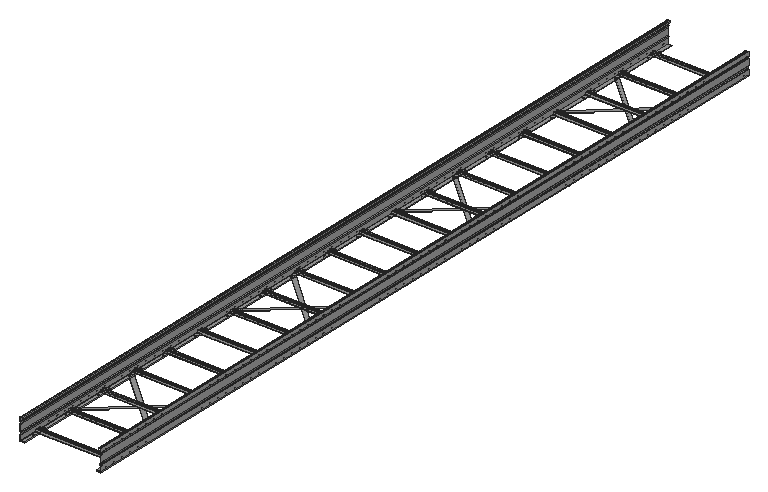
Revit family "WKLG 1660 03.09", category Generic Models, Revit 2017 (continued)
Forms (mm)
  Extrusion 77, void
    sketch origin (0, 5625, -120) x (0, 1, 0) y (0, 0, 1)
      loop
        line (49.5, 144.46) -> (25.5, 144.46)
        arc (25.5, 144.46) -> (25.146, 144.314) -> (25, 143.96) r 0.5
        line (25, 143.96) -> (25, 135.96)
        arc (25, 135.96) -> (25.146, 135.607) -> (25.5, 135.46) r 0.5
        line (25.5, 135.46) -> (49.5, 135.46)
        arc (49.5, 135.46) -> (49.854, 135.607) -> (50, 135.96) r 0.5
        line (50, 135.96) -> (50, 143.96)
        arc (50, 143.96) -> (49.854, 144.314) -> (49.5, 144.46) r 0.5
    from -300 to -298
  Extrusion 78, void
    sketch origin (0, 5700, -120) x (0, 1, 0) y (0, 0, 1)
      loop
        line (49.5, 144.46) -> (25.5, 144.46)
        arc (25.5, 144.46) -> (25.146, 144.314) -> (25, 143.96) r 0.5
        line (25, 143.96) -> (25, 135.96)
        arc (25, 135.96) -> (25.146, 135.607) -> (25.5, 135.46) r 0.5
        line (25.5, 135.46) -> (49.5, 135.46)
        arc (49.5, 135.46) -> (49.854, 135.607) -> (50, 135.96) r 0.5
        line (50, 135.96) -> (50, 143.96)
        arc (50, 143.96) -> (49.854, 144.314) -> (49.5, 144.46) r 0.5
    from -300 to -298
  Extrusion 79, void
    sketch origin (0, 5775, -120) x (0, 1, 0) y (0, 0, 1)
      loop
        line (49.5, 144.46) -> (25.5, 144.46)
        arc (25.5, 144.46) -> (25.146, 144.314) -> (25, 143.96) r 0.5
        line (25, 143.96) -> (25, 135.96)
        arc (25, 135.96) -> (25.146, 135.607) -> (25.5, 135.46) r 0.5
        line (25.5, 135.46) -> (49.5, 135.46)
        arc (49.5, 135.46) -> (49.854, 135.607) -> (50, 135.96) r 0.5
        line (50, 135.96) -> (50, 143.96)
        arc (50, 143.96) -> (49.854, 144.314) -> (49.5, 144.46) r 0.5
    from -300 to -298
  Extrusion 80, void
    sketch origin (0, 5850, -120) x (0, 1, 0) y (0, 0, 1)
      loop
        line (49.5, 144.46) -> (25.5, 144.46)
        arc (25.5, 144.46) -> (25.146, 144.314) -> (25, 143.96) r 0.5
        line (25, 143.96) -> (25, 135.96)
        arc (25, 135.96) -> (25.146, 135.607) -> (25.5, 135.46) r 0.5
        line (25.5, 135.46) -> (49.5, 135.46)
        arc (49.5, 135.46) -> (49.854, 135.607) -> (50, 135.96) r 0.5
        line (50, 135.96) -> (50, 143.96)
        arc (50, 143.96) -> (49.854, 144.314) -> (49.5, 144.46) r 0.5
    from -300 to -298
  Extrusion 81, void
    sketch origin (0, 5925, -120) x (0, 1, 0) y (0, 0, 1)
      loop
        line (49.5, 144.46) -> (25.5, 144.46)
        arc (25.5, 144.46) -> (25.146, 144.314) -> (25, 143.96) r 0.5
        line (25, 143.96) -> (25, 135.96)
        arc (25, 135.96) -> (25.146, 135.607) -> (25.5, 135.46) r 0.5
        line (25.5, 135.46) -> (49.5, 135.46)
        arc (49.5, 135.46) -> (49.854, 135.607) -> (50, 135.96) r 0.5
        line (50, 135.96) -> (50, 143.96)
        arc (50, 143.96) -> (49.854, 144.314) -> (49.5, 144.46) r 0.5
    from -300 to -298
  Extrusion 82, void
    sketch origin (0, 0, 0) x (0, 1, 0) y (0, 0, 1)
      loop
        arc (25.52, 144.46) -> (25.152, 144.308) -> (25, 143.94) r 0.52
        line (25, 143.94) -> (25, 135.965)
        arc (25, 135.965) -> (25.148, 135.608) -> (25.505, 135.46) r 0.505
        line (25.505, 135.46) -> (49.5, 135.46)
        arc (49.5, 135.46) -> (49.854, 135.607) -> (50, 135.96) r 0.5
        line (50, 135.96) -> (50, 143.96)
        arc (50, 143.96) -> (49.854, 144.314) -> (49.5, 144.46) r 0.5
        line (49.5, 144.46) -> (25.52, 144.46)
    from 298 to 300
  Extrusion 83, void
    sketch origin (0, 75, 0) x (0, 1, 0) y (0, 0, 1)
      loop
        arc (25.52, 144.46) -> (25.152, 144.308) -> (25, 143.94) r 0.52
        line (25, 143.94) -> (25, 135.965)
        arc (25, 135.965) -> (25.148, 135.608) -> (25.505, 135.46) r 0.505
        line (25.505, 135.46) -> (49.5, 135.46)
        arc (49.5, 135.46) -> (49.854, 135.607) -> (50, 135.96) r 0.5
        line (50, 135.96) -> (50, 143.96)
        arc (50, 143.96) -> (49.854, 144.314) -> (49.5, 144.46) r 0.5
        line (49.5, 144.46) -> (25.52, 144.46)
    from 298 to 300
  Extrusion 84, void
    sketch origin (0, 150, 0) x (0, 1, 0) y (0, 0, 1)
      loop
        arc (25.52, 144.46) -> (25.152, 144.308) -> (25, 143.94) r 0.52
        line (25, 143.94) -> (25, 135.965)
        arc (25, 135.965) -> (25.148, 135.608) -> (25.505, 135.46) r 0.505
        line (25.505, 135.46) -> (49.5, 135.46)
        arc (49.5, 135.46) -> (49.854, 135.607) -> (50, 135.96) r 0.5
        line (50, 135.96) -> (50, 143.96)
        arc (50, 143.96) -> (49.854, 144.314) -> (49.5, 144.46) r 0.5
        line (49.5, 144.46) -> (25.52, 144.46)
    from 298 to 300
  Extrusion 85, void
    sketch origin (0, 225, 0) x (0, 1, 0) y (0, 0, 1)
      loop
        arc (25.52, 144.46) -> (25.152, 144.308) -> (25, 143.94) r 0.52
        line (25, 143.94) -> (25, 135.965)
        arc (25, 135.965) -> (25.148, 135.608) -> (25.505, 135.46) r 0.505
        line (25.505, 135.46) -> (49.5, 135.46)
        arc (49.5, 135.46) -> (49.854, 135.607) -> (50, 135.96) r 0.5
        line (50, 135.96) -> (50, 143.96)
        arc (50, 143.96) -> (49.854, 144.314) -> (49.5, 144.46) r 0.5
        line (49.5, 144.46) -> (25.52, 144.46)
    from 298 to 300
  Extrusion 86, void
    sketch origin (0, 300, 0) x (0, 1, 0) y (0, 0, 1)
      loop
        arc (25.52, 144.46) -> (25.152, 144.308) -> (25, 143.94) r 0.52
        line (25, 143.94) -> (25, 135.965)
        arc (25, 135.965) -> (25.148, 135.608) -> (25.505, 135.46) r 0.505
        line (25.505, 135.46) -> (49.5, 135.46)
        arc (49.5, 135.46) -> (49.854, 135.607) -> (50, 135.96) r 0.5
        line (50, 135.96) -> (50, 143.96)
        arc (50, 143.96) -> (49.854, 144.314) -> (49.5, 144.46) r 0.5
        line (49.5, 144.46) -> (25.52, 144.46)
    from 298 to 300
  Extrusion 87, void
    sketch origin (0, 375, 0) x (0, 1, 0) y (0, 0, 1)
      loop
        arc (25.52, 144.46) -> (25.152, 144.308) -> (25, 143.94) r 0.52
        line (25, 143.94) -> (25, 135.965)
        arc (25, 135.965) -> (25.148, 135.608) -> (25.505, 135.46) r 0.505
        line (25.505, 135.46) -> (49.5, 135.46)
        arc (49.5, 135.46) -> (49.854, 135.607) -> (50, 135.96) r 0.5
        line (50, 135.96) -> (50, 143.96)
        arc (50, 143.96) -> (49.854, 144.314) -> (49.5, 144.46) r 0.5
        line (49.5, 144.46) -> (25.52, 144.46)
    from 298 to 300
  Extrusion 88, void
    sketch origin (0, 450, 0) x (0, 1, 0) y (0, 0, 1)
      loop
        arc (25.52, 144.46) -> (25.152, 144.308) -> (25, 143.94) r 0.52
        line (25, 143.94) -> (25, 135.965)
        arc (25, 135.965) -> (25.148, 135.608) -> (25.505, 135.46) r 0.505
        line (25.505, 135.46) -> (49.5, 135.46)
        arc (49.5, 135.46) -> (49.854, 135.607) -> (50, 135.96) r 0.5
        line (50, 135.96) -> (50, 143.96)
        arc (50, 143.96) -> (49.854, 144.314) -> (49.5, 144.46) r 0.5
        line (49.5, 144.46) -> (25.52, 144.46)
    from 298 to 300
  Extrusion 89, void
    sketch origin (0, 525, 0) x (0, 1, 0) y (0, 0, 1)
      loop
        arc (25.52, 144.46) -> (25.152, 144.308) -> (25, 143.94) r 0.52
        line (25, 143.94) -> (25, 135.965)
        arc (25, 135.965) -> (25.148, 135.608) -> (25.505, 135.46) r 0.505
        line (25.505, 135.46) -> (49.5, 135.46)
        arc (49.5, 135.46) -> (49.854, 135.607) -> (50, 135.96) r 0.5
        line (50, 135.96) -> (50, 143.96)
        arc (50, 143.96) -> (49.854, 144.314) -> (49.5, 144.46) r 0.5
        line (49.5, 144.46) -> (25.52, 144.46)
    from 298 to 300
  Extrusion 90, void
    sketch origin (0, 600, 0) x (0, 1, 0) y (0, 0, 1)
      loop
        arc (25.52, 144.46) -> (25.152, 144.308) -> (25, 143.94) r 0.52
        line (25, 143.94) -> (25, 135.965)
        arc (25, 135.965) -> (25.148, 135.608) -> (25.505, 135.46) r 0.505
        line (25.505, 135.46) -> (49.5, 135.46)
        arc (49.5, 135.46) -> (49.854, 135.607) -> (50, 135.96) r 0.5
        line (50, 135.96) -> (50, 143.96)
        arc (50, 143.96) -> (49.854, 144.314) -> (49.5, 144.46) r 0.5
        line (49.5, 144.46) -> (25.52, 144.46)
    from 298 to 300
  Extrusion 91, void
    sketch origin (0, 675, 0) x (0, 1, 0) y (0, 0, 1)
      loop
        arc (25.52, 144.46) -> (25.152, 144.308) -> (25, 143.94) r 0.52
        line (25, 143.94) -> (25, 135.965)
        arc (25, 135.965) -> (25.148, 135.608) -> (25.505, 135.46) r 0.505
        line (25.505, 135.46) -> (49.5, 135.46)
        arc (49.5, 135.46) -> (49.854, 135.607) -> (50, 135.96) r 0.5
        line (50, 135.96) -> (50, 143.96)
        arc (50, 143.96) -> (49.854, 144.314) -> (49.5, 144.46) r 0.5
        line (49.5, 144.46) -> (25.52, 144.46)
    from 298 to 300
  Extrusion 92, void
    sketch origin (0, 750, 0) x (0, 1, 0) y (0, 0, 1)
      loop
        arc (25.52, 144.46) -> (25.152, 144.308) -> (25, 143.94) r 0.52
        line (25, 143.94) -> (25, 135.965)
        arc (25, 135.965) -> (25.148, 135.608) -> (25.505, 135.46) r 0.505
        line (25.505, 135.46) -> (49.5, 135.46)
        arc (49.5, 135.46) -> (49.854, 135.607) -> (50, 135.96) r 0.5
        line (50, 135.96) -> (50, 143.96)
        arc (50, 143.96) -> (49.854, 144.314) -> (49.5, 144.46) r 0.5
        line (49.5, 144.46) -> (25.52, 144.46)
    from 298 to 300
  Extrusion 93, void
    sketch origin (0, 825, 0) x (0, 1, 0) y (0, 0, 1)
      loop
        arc (25.52, 144.46) -> (25.152, 144.308) -> (25, 143.94) r 0.52
        line (25, 143.94) -> (25, 135.965)
        arc (25, 135.965) -> (25.148, 135.608) -> (25.505, 135.46) r 0.505
        line (25.505, 135.46) -> (49.5, 135.46)
        arc (49.5, 135.46) -> (49.854, 135.607) -> (50, 135.96) r 0.5
        line (50, 135.96) -> (50, 143.96)
        arc (50, 143.96) -> (49.854, 144.314) -> (49.5, 144.46) r 0.5
        line (49.5, 144.46) -> (25.52, 144.46)
    from 298 to 300
  Extrusion 94, void
    sketch origin (0, 900, 0) x (0, 1, 0) y (0, 0, 1)
      loop
        arc (25.52, 144.46) -> (25.152, 144.308) -> (25, 143.94) r 0.52
        line (25, 143.94) -> (25, 135.965)
        arc (25, 135.965) -> (25.148, 135.608) -> (25.505, 135.46) r 0.505
        line (25.505, 135.46) -> (49.5, 135.46)
        arc (49.5, 135.46) -> (49.854, 135.607) -> (50, 135.96) r 0.5
        line (50, 135.96) -> (50, 143.96)
        arc (50, 143.96) -> (49.854, 144.314) -> (49.5, 144.46) r 0.5
        line (49.5, 144.46) -> (25.52, 144.46)
    from 298 to 300
  Extrusion 95, void
    sketch origin (0, 975, 0) x (0, 1, 0) y (0, 0, 1)
      loop
        arc (25.52, 144.46) -> (25.152, 144.308) -> (25, 143.94) r 0.52
        line (25, 143.94) -> (25, 135.965)
        arc (25, 135.965) -> (25.148, 135.608) -> (25.505, 135.46) r 0.505
        line (25.505, 135.46) -> (49.5, 135.46)
        arc (49.5, 135.46) -> (49.854, 135.607) -> (50, 135.96) r 0.5
        line (50, 135.96) -> (50, 143.96)
        arc (50, 143.96) -> (49.854, 144.314) -> (49.5, 144.46) r 0.5
        line (49.5, 144.46) -> (25.52, 144.46)
    from 298 to 300
  Extrusion 96, void
    sketch origin (0, 1050, 0) x (0, 1, 0) y (0, 0, 1)
      loop
        arc (25.52, 144.46) -> (25.152, 144.308) -> (25, 143.94) r 0.52
        line (25, 143.94) -> (25, 135.965)
        arc (25, 135.965) -> (25.148, 135.608) -> (25.505, 135.46) r 0.505
        line (25.505, 135.46) -> (49.5, 135.46)
        arc (49.5, 135.46) -> (49.854, 135.607) -> (50, 135.96) r 0.5
        line (50, 135.96) -> (50, 143.96)
        arc (50, 143.96) -> (49.854, 144.314) -> (49.5, 144.46) r 0.5
        line (49.5, 144.46) -> (25.52, 144.46)
    from 298 to 300
  Extrusion 97, void
    sketch origin (0, 1125, 0) x (0, 1, 0) y (0, 0, 1)
      loop
        arc (25.52, 144.46) -> (25.152, 144.308) -> (25, 143.94) r 0.52
        line (25, 143.94) -> (25, 135.965)
        arc (25, 135.965) -> (25.148, 135.608) -> (25.505, 135.46) r 0.505
        line (25.505, 135.46) -> (49.5, 135.46)
        arc (49.5, 135.46) -> (49.854, 135.607) -> (50, 135.96) r 0.5
        line (50, 135.96) -> (50, 143.96)
        arc (50, 143.96) -> (49.854, 144.314) -> (49.5, 144.46) r 0.5
        line (49.5, 144.46) -> (25.52, 144.46)
    from 298 to 300
  Extrusion 98, void
    sketch origin (0, 1200, 0) x (0, 1, 0) y (0, 0, 1)
      loop
        arc (25.52, 144.46) -> (25.152, 144.308) -> (25, 143.94) r 0.52
        line (25, 143.94) -> (25, 135.965)
        arc (25, 135.965) -> (25.148, 135.608) -> (25.505, 135.46) r 0.505
        line (25.505, 135.46) -> (49.5, 135.46)
        arc (49.5, 135.46) -> (49.854, 135.607) -> (50, 135.96) r 0.5
        line (50, 135.96) -> (50, 143.96)
        arc (50, 143.96) -> (49.854, 144.314) -> (49.5, 144.46) r 0.5
        line (49.5, 144.46) -> (25.52, 144.46)
    from 298 to 300
  Extrusion 99, void
    sketch origin (0, 1275, 0) x (0, 1, 0) y (0, 0, 1)
      loop
        arc (25.52, 144.46) -> (25.152, 144.308) -> (25, 143.94) r 0.52
        line (25, 143.94) -> (25, 135.965)
        arc (25, 135.965) -> (25.148, 135.608) -> (25.505, 135.46) r 0.505
        line (25.505, 135.46) -> (49.5, 135.46)
        arc (49.5, 135.46) -> (49.854, 135.607) -> (50, 135.96) r 0.5
        line (50, 135.96) -> (50, 143.96)
        arc (50, 143.96) -> (49.854, 144.314) -> (49.5, 144.46) r 0.5
        line (49.5, 144.46) -> (25.52, 144.46)
    from 298 to 300
  Extrusion 100, void
    sketch origin (0, 1350, 0) x (0, 1, 0) y (0, 0, 1)
      loop
        arc (25.52, 144.46) -> (25.152, 144.308) -> (25, 143.94) r 0.52
        line (25, 143.94) -> (25, 135.965)
        arc (25, 135.965) -> (25.148, 135.608) -> (25.505, 135.46) r 0.505
        line (25.505, 135.46) -> (49.5, 135.46)
        arc (49.5, 135.46) -> (49.854, 135.607) -> (50, 135.96) r 0.5
        line (50, 135.96) -> (50, 143.96)
        arc (50, 143.96) -> (49.854, 144.314) -> (49.5, 144.46) r 0.5
        line (49.5, 144.46) -> (25.52, 144.46)
    from 298 to 300
  Extrusion 101, void
    sketch origin (0, 1425, 0) x (0, 1, 0) y (0, 0, 1)
      loop
        arc (25.52, 144.46) -> (25.152, 144.308) -> (25, 143.94) r 0.52
        line (25, 143.94) -> (25, 135.965)
        arc (25, 135.965) -> (25.148, 135.608) -> (25.505, 135.46) r 0.505
        line (25.505, 135.46) -> (49.5, 135.46)
        arc (49.5, 135.46) -> (49.854, 135.607) -> (50, 135.96) r 0.5
        line (50, 135.96) -> (50, 143.96)
        arc (50, 143.96) -> (49.854, 144.314) -> (49.5, 144.46) r 0.5
        line (49.5, 144.46) -> (25.52, 144.46)
    from 298 to 300
  Extrusion 102, void
    sketch origin (0, 1500, 0) x (0, 1, 0) y (0, 0, 1)
      loop
        arc (25.52, 144.46) -> (25.152, 144.308) -> (25, 143.94) r 0.52
        line (25, 143.94) -> (25, 135.965)
        arc (25, 135.965) -> (25.148, 135.608) -> (25.505, 135.46) r 0.505
        line (25.505, 135.46) -> (49.5, 135.46)
        arc (49.5, 135.46) -> (49.854, 135.607) -> (50, 135.96) r 0.5
        line (50, 135.96) -> (50, 143.96)
        arc (50, 143.96) -> (49.854, 144.314) -> (49.5, 144.46) r 0.5
        line (49.5, 144.46) -> (25.52, 144.46)
    from 298 to 300
  Extrusion 103, void
    sketch origin (0, 1575, 0) x (0, 1, 0) y (0, 0, 1)
      loop
        arc (25.52, 144.46) -> (25.152, 144.308) -> (25, 143.94) r 0.52
        line (25, 143.94) -> (25, 135.965)
        arc (25, 135.965) -> (25.148, 135.608) -> (25.505, 135.46) r 0.505
        line (25.505, 135.46) -> (49.5, 135.46)
        arc (49.5, 135.46) -> (49.854, 135.607) -> (50, 135.96) r 0.5
        line (50, 135.96) -> (50, 143.96)
        arc (50, 143.96) -> (49.854, 144.314) -> (49.5, 144.46) r 0.5
        line (49.5, 144.46) -> (25.52, 144.46)
    from 298 to 300
  Extrusion 104, void
    sketch origin (0, 1650, 0) x (0, 1, 0) y (0, 0, 1)
      loop
        arc (25.52, 144.46) -> (25.152, 144.308) -> (25, 143.94) r 0.52
        line (25, 143.94) -> (25, 135.965)
        arc (25, 135.965) -> (25.148, 135.608) -> (25.505, 135.46) r 0.505
        line (25.505, 135.46) -> (49.5, 135.46)
        arc (49.5, 135.46) -> (49.854, 135.607) -> (50, 135.96) r 0.5
        line (50, 135.96) -> (50, 143.96)
        arc (50, 143.96) -> (49.854, 144.314) -> (49.5, 144.46) r 0.5
        line (49.5, 144.46) -> (25.52, 144.46)
    from 298 to 300
  Extrusion 105, void
    sketch origin (0, 1725, 0) x (0, 1, 0) y (0, 0, 1)
      loop
        arc (25.52, 144.46) -> (25.152, 144.308) -> (25, 143.94) r 0.52
        line (25, 143.94) -> (25, 135.965)
        arc (25, 135.965) -> (25.148, 135.608) -> (25.505, 135.46) r 0.505
        line (25.505, 135.46) -> (49.5, 135.46)
        arc (49.5, 135.46) -> (49.854, 135.607) -> (50, 135.96) r 0.5
        line (50, 135.96) -> (50, 143.96)
        arc (50, 143.96) -> (49.854, 144.314) -> (49.5, 144.46) r 0.5
        line (49.5, 144.46) -> (25.52, 144.46)
    from 298 to 300
  Extrusion 106, void
    sketch origin (0, 1800, 0) x (0, 1, 0) y (0, 0, 1)
      loop
        arc (25.52, 144.46) -> (25.152, 144.308) -> (25, 143.94) r 0.52
        line (25, 143.94) -> (25, 135.965)
        arc (25, 135.965) -> (25.148, 135.608) -> (25.505, 135.46) r 0.505
        line (25.505, 135.46) -> (49.5, 135.46)
        arc (49.5, 135.46) -> (49.854, 135.607) -> (50, 135.96) r 0.5
        line (50, 135.96) -> (50, 143.96)
        arc (50, 143.96) -> (49.854, 144.314) -> (49.5, 144.46) r 0.5
        line (49.5, 144.46) -> (25.52, 144.46)
    from 298 to 300
  Extrusion 107, void
    sketch origin (0, 1875, 0) x (0, 1, 0) y (0, 0, 1)
      loop
        arc (25.52, 144.46) -> (25.152, 144.308) -> (25, 143.94) r 0.52
        line (25, 143.94) -> (25, 135.965)
        arc (25, 135.965) -> (25.148, 135.608) -> (25.505, 135.46) r 0.505
        line (25.505, 135.46) -> (49.5, 135.46)
        arc (49.5, 135.46) -> (49.854, 135.607) -> (50, 135.96) r 0.5
        line (50, 135.96) -> (50, 143.96)
        arc (50, 143.96) -> (49.854, 144.314) -> (49.5, 144.46) r 0.5
        line (49.5, 144.46) -> (25.52, 144.46)
    from 298 to 300
  Extrusion 108, void
    sketch origin (0, 1950, 0) x (0, 1, 0) y (0, 0, 1)
      loop
        arc (25.52, 144.46) -> (25.152, 144.308) -> (25, 143.94) r 0.52
        line (25, 143.94) -> (25, 135.965)
        arc (25, 135.965) -> (25.148, 135.608) -> (25.505, 135.46) r 0.505
        line (25.505, 135.46) -> (49.5, 135.46)
        arc (49.5, 135.46) -> (49.854, 135.607) -> (50, 135.96) r 0.5
        line (50, 135.96) -> (50, 143.96)
        arc (50, 143.96) -> (49.854, 144.314) -> (49.5, 144.46) r 0.5
        line (49.5, 144.46) -> (25.52, 144.46)
    from 298 to 300
  Extrusion 109, void
    sketch origin (0, 2025, 0) x (0, 1, 0) y (0, 0, 1)
      loop
        arc (25.52, 144.46) -> (25.152, 144.308) -> (25, 143.94) r 0.52
        line (25, 143.94) -> (25, 135.965)
        arc (25, 135.965) -> (25.148, 135.608) -> (25.505, 135.46) r 0.505
        line (25.505, 135.46) -> (49.5, 135.46)
        arc (49.5, 135.46) -> (49.854, 135.607) -> (50, 135.96) r 0.5
        line (50, 135.96) -> (50, 143.96)
        arc (50, 143.96) -> (49.854, 144.314) -> (49.5, 144.46) r 0.5
        line (49.5, 144.46) -> (25.52, 144.46)
    from 298 to 300
  Extrusion 110, void
    sketch origin (0, 2100, 0) x (0, 1, 0) y (0, 0, 1)
      loop
        arc (25.52, 144.46) -> (25.152, 144.308) -> (25, 143.94) r 0.52
        line (25, 143.94) -> (25, 135.965)
        arc (25, 135.965) -> (25.148, 135.608) -> (25.505, 135.46) r 0.505
        line (25.505, 135.46) -> (49.5, 135.46)
        arc (49.5, 135.46) -> (49.854, 135.607) -> (50, 135.96) r 0.5
        line (50, 135.96) -> (50, 143.96)
        arc (50, 143.96) -> (49.854, 144.314) -> (49.5, 144.46) r 0.5
        line (49.5, 144.46) -> (25.52, 144.46)
    from 298 to 300
  Extrusion 111, void
    sketch origin (0, 2175, 0) x (0, 1, 0) y (0, 0, 1)
      loop
        arc (25.52, 144.46) -> (25.152, 144.308) -> (25, 143.94) r 0.52
        line (25, 143.94) -> (25, 135.965)
        arc (25, 135.965) -> (25.148, 135.608) -> (25.505, 135.46) r 0.505
        line (25.505, 135.46) -> (49.5, 135.46)
        arc (49.5, 135.46) -> (49.854, 135.607) -> (50, 135.96) r 0.5
        line (50, 135.96) -> (50, 143.96)
        arc (50, 143.96) -> (49.854, 144.314) -> (49.5, 144.46) r 0.5
        line (49.5, 144.46) -> (25.52, 144.46)
    from 298 to 300
  Extrusion 112, void
    sketch origin (0, 2250, 0) x (0, 1, 0) y (0, 0, 1)
      loop
        arc (25.52, 144.46) -> (25.152, 144.308) -> (25, 143.94) r 0.52
        line (25, 143.94) -> (25, 135.965)
        arc (25, 135.965) -> (25.148, 135.608) -> (25.505, 135.46) r 0.505
        line (25.505, 135.46) -> (49.5, 135.46)
        arc (49.5, 135.46) -> (49.854, 135.607) -> (50, 135.96) r 0.5
        line (50, 135.96) -> (50, 143.96)
        arc (50, 143.96) -> (49.854, 144.314) -> (49.5, 144.46) r 0.5
        line (49.5, 144.46) -> (25.52, 144.46)
    from 298 to 300
  Extrusion 113, void
    sketch origin (0, 2325, 0) x (0, 1, 0) y (0, 0, 1)
      loop
        arc (25.52, 144.46) -> (25.152, 144.308) -> (25, 143.94) r 0.52
        line (25, 143.94) -> (25, 135.965)
        arc (25, 135.965) -> (25.148, 135.608) -> (25.505, 135.46) r 0.505
        line (25.505, 135.46) -> (49.5, 135.46)
        arc (49.5, 135.46) -> (49.854, 135.607) -> (50, 135.96) r 0.5
        line (50, 135.96) -> (50, 143.96)
        arc (50, 143.96) -> (49.854, 144.314) -> (49.5, 144.46) r 0.5
        line (49.5, 144.46) -> (25.52, 144.46)
    from 298 to 300
  Extrusion 114, void
    sketch origin (0, 2400, 0) x (0, 1, 0) y (0, 0, 1)
      loop
        arc (25.52, 144.46) -> (25.152, 144.308) -> (25, 143.94) r 0.52
        line (25, 143.94) -> (25, 135.965)
        arc (25, 135.965) -> (25.148, 135.608) -> (25.505, 135.46) r 0.505
        line (25.505, 135.46) -> (49.5, 135.46)
        arc (49.5, 135.46) -> (49.854, 135.607) -> (50, 135.96) r 0.5
        line (50, 135.96) -> (50, 143.96)
        arc (50, 143.96) -> (49.854, 144.314) -> (49.5, 144.46) r 0.5
        line (49.5, 144.46) -> (25.52, 144.46)
    from 298 to 300
  Extrusion 115, void
    sketch origin (0, 2475, 0) x (0, 1, 0) y (0, 0, 1)
      loop
        arc (25.52, 144.46) -> (25.152, 144.308) -> (25, 143.94) r 0.52
        line (25, 143.94) -> (25, 135.965)
        arc (25, 135.965) -> (25.148, 135.608) -> (25.505, 135.46) r 0.505
        line (25.505, 135.46) -> (49.5, 135.46)
        arc (49.5, 135.46) -> (49.854, 135.607) -> (50, 135.96) r 0.5
        line (50, 135.96) -> (50, 143.96)
        arc (50, 143.96) -> (49.854, 144.314) -> (49.5, 144.46) r 0.5
        line (49.5, 144.46) -> (25.52, 144.46)
    from 298 to 300
  Extrusion 116, void
    sketch origin (0, 2550, 0) x (0, 1, 0) y (0, 0, 1)
      loop
        arc (25.52, 144.46) -> (25.152, 144.308) -> (25, 143.94) r 0.52
        line (25, 143.94) -> (25, 135.965)
        arc (25, 135.965) -> (25.148, 135.608) -> (25.505, 135.46) r 0.505
        line (25.505, 135.46) -> (49.5, 135.46)
        arc (49.5, 135.46) -> (49.854, 135.607) -> (50, 135.96) r 0.5
        line (50, 135.96) -> (50, 143.96)
        arc (50, 143.96) -> (49.854, 144.314) -> (49.5, 144.46) r 0.5
        line (49.5, 144.46) -> (25.52, 144.46)
    from 298 to 300
  Extrusion 117, void
    sketch origin (0, 2625, 0) x (0, 1, 0) y (0, 0, 1)
      loop
        arc (25.52, 144.46) -> (25.152, 144.308) -> (25, 143.94) r 0.52
        line (25, 143.94) -> (25, 135.965)
        arc (25, 135.965) -> (25.148, 135.608) -> (25.505, 135.46) r 0.505
        line (25.505, 135.46) -> (49.5, 135.46)
        arc (49.5, 135.46) -> (49.854, 135.607) -> (50, 135.96) r 0.5
        line (50, 135.96) -> (50, 143.96)
        arc (50, 143.96) -> (49.854, 144.314) -> (49.5, 144.46) r 0.5
        line (49.5, 144.46) -> (25.52, 144.46)
    from 298 to 300
  Extrusion 118, void
    sketch origin (0, 2700, 0) x (0, 1, 0) y (0, 0, 1)
      loop
        arc (25.52, 144.46) -> (25.152, 144.308) -> (25, 143.94) r 0.52
        line (25, 143.94) -> (25, 135.965)
        arc (25, 135.965) -> (25.148, 135.608) -> (25.505, 135.46) r 0.505
        line (25.505, 135.46) -> (49.5, 135.46)
        arc (49.5, 135.46) -> (49.854, 135.607) -> (50, 135.96) r 0.5
        line (50, 135.96) -> (50, 143.96)
        arc (50, 143.96) -> (49.854, 144.314) -> (49.5, 144.46) r 0.5
        line (49.5, 144.46) -> (25.52, 144.46)
    from 298 to 300
  Extrusion 119, void
    sketch origin (0, 2775, 0) x (0, 1, 0) y (0, 0, 1)
      loop
        arc (25.52, 144.46) -> (25.152, 144.308) -> (25, 143.94) r 0.52
        line (25, 143.94) -> (25, 135.965)
        arc (25, 135.965) -> (25.148, 135.608) -> (25.505, 135.46) r 0.505
        line (25.505, 135.46) -> (49.5, 135.46)
        arc (49.5, 135.46) -> (49.854, 135.607) -> (50, 135.96) r 0.5
        line (50, 135.96) -> (50, 143.96)
        arc (50, 143.96) -> (49.854, 144.314) -> (49.5, 144.46) r 0.5
        line (49.5, 144.46) -> (25.52, 144.46)
    from 298 to 300
  Extrusion 120, void
    sketch origin (0, 2850, 0) x (0, 1, 0) y (0, 0, 1)
      loop
        arc (25.52, 144.46) -> (25.152, 144.308) -> (25, 143.94) r 0.52
        line (25, 143.94) -> (25, 135.965)
        arc (25, 135.965) -> (25.148, 135.608) -> (25.505, 135.46) r 0.505
        line (25.505, 135.46) -> (49.5, 135.46)
        arc (49.5, 135.46) -> (49.854, 135.607) -> (50, 135.96) r 0.5
        line (50, 135.96) -> (50, 143.96)
        arc (50, 143.96) -> (49.854, 144.314) -> (49.5, 144.46) r 0.5
        line (49.5, 144.46) -> (25.52, 144.46)
    from 298 to 300
  Extrusion 121, void
    sketch origin (0, 2925, 0) x (0, 1, 0) y (0, 0, 1)
      loop
        arc (25.52, 144.46) -> (25.152, 144.308) -> (25, 143.94) r 0.52
        line (25, 143.94) -> (25, 135.965)
        arc (25, 135.965) -> (25.148, 135.608) -> (25.505, 135.46) r 0.505
        line (25.505, 135.46) -> (49.5, 135.46)
        arc (49.5, 135.46) -> (49.854, 135.607) -> (50, 135.96) r 0.5
        line (50, 135.96) -> (50, 143.96)
        arc (50, 143.96) -> (49.854, 144.314) -> (49.5, 144.46) r 0.5
        line (49.5, 144.46) -> (25.52, 144.46)
    from 298 to 300
  Extrusion 122, void
    sketch origin (0, 3000, 0) x (0, 1, 0) y (0, 0, 1)
      loop
        arc (25.52, 144.46) -> (25.152, 144.308) -> (25, 143.94) r 0.52
        line (25, 143.94) -> (25, 135.965)
        arc (25, 135.965) -> (25.148, 135.608) -> (25.505, 135.46) r 0.505
        line (25.505, 135.46) -> (49.5, 135.46)
        arc (49.5, 135.46) -> (49.854, 135.607) -> (50, 135.96) r 0.5
        line (50, 135.96) -> (50, 143.96)
        arc (50, 143.96) -> (49.854, 144.314) -> (49.5, 144.46) r 0.5
        line (49.5, 144.46) -> (25.52, 144.46)
    from 298 to 300
  Extrusion 123, void
    sketch origin (0, 3075, 0) x (0, 1, 0) y (0, 0, 1)
      loop
        arc (25.52, 144.46) -> (25.152, 144.308) -> (25, 143.94) r 0.52
        line (25, 143.94) -> (25, 135.965)
        arc (25, 135.965) -> (25.148, 135.608) -> (25.505, 135.46) r 0.505
        line (25.505, 135.46) -> (49.5, 135.46)
        arc (49.5, 135.46) -> (49.854, 135.607) -> (50, 135.96) r 0.5
        line (50, 135.96) -> (50, 143.96)
        arc (50, 143.96) -> (49.854, 144.314) -> (49.5, 144.46) r 0.5
        line (49.5, 144.46) -> (25.52, 144.46)
    from 298 to 300
  Extrusion 124, void
    sketch origin (0, 3150, 0) x (0, 1, 0) y (0, 0, 1)
      loop
        arc (25.52, 144.46) -> (25.152, 144.308) -> (25, 143.94) r 0.52
        line (25, 143.94) -> (25, 135.965)
        arc (25, 135.965) -> (25.148, 135.608) -> (25.505, 135.46) r 0.505
        line (25.505, 135.46) -> (49.5, 135.46)
        arc (49.5, 135.46) -> (49.854, 135.607) -> (50, 135.96) r 0.5
        line (50, 135.96) -> (50, 143.96)
        arc (50, 143.96) -> (49.854, 144.314) -> (49.5, 144.46) r 0.5
        line (49.5, 144.46) -> (25.52, 144.46)
    from 298 to 300
  Extrusion 125, void
    sketch origin (0, 3225, 0) x (0, 1, 0) y (0, 0, 1)
      loop
        arc (25.52, 144.46) -> (25.152, 144.308) -> (25, 143.94) r 0.52
        line (25, 143.94) -> (25, 135.965)
        arc (25, 135.965) -> (25.148, 135.608) -> (25.505, 135.46) r 0.505
        line (25.505, 135.46) -> (49.5, 135.46)
        arc (49.5, 135.46) -> (49.854, 135.607) -> (50, 135.96) r 0.5
        line (50, 135.96) -> (50, 143.96)
        arc (50, 143.96) -> (49.854, 144.314) -> (49.5, 144.46) r 0.5
        line (49.5, 144.46) -> (25.52, 144.46)
    from 298 to 300
  Extrusion 126, void
    sketch origin (0, 3300, 0) x (0, 1, 0) y (0, 0, 1)
      loop
        arc (25.52, 144.46) -> (25.152, 144.308) -> (25, 143.94) r 0.52
        line (25, 143.94) -> (25, 135.965)
        arc (25, 135.965) -> (25.148, 135.608) -> (25.505, 135.46) r 0.505
        line (25.505, 135.46) -> (49.5, 135.46)
        arc (49.5, 135.46) -> (49.854, 135.607) -> (50, 135.96) r 0.5
        line (50, 135.96) -> (50, 143.96)
        arc (50, 143.96) -> (49.854, 144.314) -> (49.5, 144.46) r 0.5
        line (49.5, 144.46) -> (25.52, 144.46)
    from 298 to 300
  Extrusion 127, void
    sketch origin (0, 3375, 0) x (0, 1, 0) y (0, 0, 1)
      loop
        arc (25.52, 144.46) -> (25.152, 144.308) -> (25, 143.94) r 0.52
        line (25, 143.94) -> (25, 135.965)
        arc (25, 135.965) -> (25.148, 135.608) -> (25.505, 135.46) r 0.505
        line (25.505, 135.46) -> (49.5, 135.46)
        arc (49.5, 135.46) -> (49.854, 135.607) -> (50, 135.96) r 0.5
        line (50, 135.96) -> (50, 143.96)
        arc (50, 143.96) -> (49.854, 144.314) -> (49.5, 144.46) r 0.5
        line (49.5, 144.46) -> (25.52, 144.46)
    from 298 to 300
  Extrusion 128, void
    sketch origin (0, 3450, 0) x (0, 1, 0) y (0, 0, 1)
      loop
        arc (25.52, 144.46) -> (25.152, 144.308) -> (25, 143.94) r 0.52
        line (25, 143.94) -> (25, 135.965)
        arc (25, 135.965) -> (25.148, 135.608) -> (25.505, 135.46) r 0.505
        line (25.505, 135.46) -> (49.5, 135.46)
        arc (49.5, 135.46) -> (49.854, 135.607) -> (50, 135.96) r 0.5
        line (50, 135.96) -> (50, 143.96)
        arc (50, 143.96) -> (49.854, 144.314) -> (49.5, 144.46) r 0.5
        line (49.5, 144.46) -> (25.52, 144.46)
    from 298 to 300
  Extrusion 129, void
    sketch origin (0, 3525, 0) x (0, 1, 0) y (0, 0, 1)
      loop
        arc (25.52, 144.46) -> (25.152, 144.308) -> (25, 143.94) r 0.52
        line (25, 143.94) -> (25, 135.965)
        arc (25, 135.965) -> (25.148, 135.608) -> (25.505, 135.46) r 0.505
        line (25.505, 135.46) -> (49.5, 135.46)
        arc (49.5, 135.46) -> (49.854, 135.607) -> (50, 135.96) r 0.5
        line (50, 135.96) -> (50, 143.96)
        arc (50, 143.96) -> (49.854, 144.314) -> (49.5, 144.46) r 0.5
        line (49.5, 144.46) -> (25.52, 144.46)
    from 298 to 300
  Extrusion 130, void
    sketch origin (0, 3600, 0) x (0, 1, 0) y (0, 0, 1)
      loop
        arc (25.52, 144.46) -> (25.152, 144.308) -> (25, 143.94) r 0.52
        line (25, 143.94) -> (25, 135.965)
        arc (25, 135.965) -> (25.148, 135.608) -> (25.505, 135.46) r 0.505
        line (25.505, 135.46) -> (49.5, 135.46)
        arc (49.5, 135.46) -> (49.854, 135.607) -> (50, 135.96) r 0.5
        line (50, 135.96) -> (50, 143.96)
        arc (50, 143.96) -> (49.854, 144.314) -> (49.5, 144.46) r 0.5
        line (49.5, 144.46) -> (25.52, 144.46)
    from 298 to 300
  Extrusion 131, void
    sketch origin (0, 3675, 0) x (0, 1, 0) y (0, 0, 1)
      loop
        arc (25.52, 144.46) -> (25.152, 144.308) -> (25, 143.94) r 0.52
        line (25, 143.94) -> (25, 135.965)
        arc (25, 135.965) -> (25.148, 135.608) -> (25.505, 135.46) r 0.505
        line (25.505, 135.46) -> (49.5, 135.46)
        arc (49.5, 135.46) -> (49.854, 135.607) -> (50, 135.96) r 0.5
        line (50, 135.96) -> (50, 143.96)
        arc (50, 143.96) -> (49.854, 144.314) -> (49.5, 144.46) r 0.5
        line (49.5, 144.46) -> (25.52, 144.46)
    from 298 to 300
  Extrusion 132, void
    sketch origin (0, 3750, 0) x (0, 1, 0) y (0, 0, 1)
      loop
        arc (25.52, 144.46) -> (25.152, 144.308) -> (25, 143.94) r 0.52
        line (25, 143.94) -> (25, 135.965)
        arc (25, 135.965) -> (25.148, 135.608) -> (25.505, 135.46) r 0.505
        line (25.505, 135.46) -> (49.5, 135.46)
        arc (49.5, 135.46) -> (49.854, 135.607) -> (50, 135.96) r 0.5
        line (50, 135.96) -> (50, 143.96)
        arc (50, 143.96) -> (49.854, 144.314) -> (49.5, 144.46) r 0.5
        line (49.5, 144.46) -> (25.52, 144.46)
    from 298 to 300
  Extrusion 133, void
    sketch origin (0, 3825, 0) x (0, 1, 0) y (0, 0, 1)
      loop
        arc (25.52, 144.46) -> (25.152, 144.308) -> (25, 143.94) r 0.52
        line (25, 143.94) -> (25, 135.965)
        arc (25, 135.965) -> (25.148, 135.608) -> (25.505, 135.46) r 0.505
        line (25.505, 135.46) -> (49.5, 135.46)
        arc (49.5, 135.46) -> (49.854, 135.607) -> (50, 135.96) r 0.5
        line (50, 135.96) -> (50, 143.96)
        arc (50, 143.96) -> (49.854, 144.314) -> (49.5, 144.46) r 0.5
        line (49.5, 144.46) -> (25.52, 144.46)
    from 298 to 300
  Extrusion 134, void
    sketch origin (0, 3900, 0) x (0, 1, 0) y (0, 0, 1)
      loop
        arc (25.52, 144.46) -> (25.152, 144.308) -> (25, 143.94) r 0.52
        line (25, 143.94) -> (25, 135.965)
        arc (25, 135.965) -> (25.148, 135.608) -> (25.505, 135.46) r 0.505
        line (25.505, 135.46) -> (49.5, 135.46)
        arc (49.5, 135.46) -> (49.854, 135.607) -> (50, 135.96) r 0.5
        line (50, 135.96) -> (50, 143.96)
        arc (50, 143.96) -> (49.854, 144.314) -> (49.5, 144.46) r 0.5
        line (49.5, 144.46) -> (25.52, 144.46)
    from 298 to 300
  Extrusion 135, void
    sketch origin (0, 3975, 0) x (0, 1, 0) y (0, 0, 1)
      loop
        arc (25.52, 144.46) -> (25.152, 144.308) -> (25, 143.94) r 0.52
        line (25, 143.94) -> (25, 135.965)
        arc (25, 135.965) -> (25.148, 135.608) -> (25.505, 135.46) r 0.505
        line (25.505, 135.46) -> (49.5, 135.46)
        arc (49.5, 135.46) -> (49.854, 135.607) -> (50, 135.96) r 0.5
        line (50, 135.96) -> (50, 143.96)
        arc (50, 143.96) -> (49.854, 144.314) -> (49.5, 144.46) r 0.5
        line (49.5, 144.46) -> (25.52, 144.46)
    from 298 to 300
  Extrusion 136, void
    sketch origin (0, 4050, 0) x (0, 1, 0) y (0, 0, 1)
      loop
        arc (25.52, 144.46) -> (25.152, 144.308) -> (25, 143.94) r 0.52
        line (25, 143.94) -> (25, 135.965)
        arc (25, 135.965) -> (25.148, 135.608) -> (25.505, 135.46) r 0.505
        line (25.505, 135.46) -> (49.5, 135.46)
        arc (49.5, 135.46) -> (49.854, 135.607) -> (50, 135.96) r 0.5
        line (50, 135.96) -> (50, 143.96)
        arc (50, 143.96) -> (49.854, 144.314) -> (49.5, 144.46) r 0.5
        line (49.5, 144.46) -> (25.52, 144.46)
    from 298 to 300
  Extrusion 137, void
    sketch origin (0, 4125, 0) x (0, 1, 0) y (0, 0, 1)
      loop
        arc (25.52, 144.46) -> (25.152, 144.308) -> (25, 143.94) r 0.52
        line (25, 143.94) -> (25, 135.965)
        arc (25, 135.965) -> (25.148, 135.608) -> (25.505, 135.46) r 0.505
        line (25.505, 135.46) -> (49.5, 135.46)
        arc (49.5, 135.46) -> (49.854, 135.607) -> (50, 135.96) r 0.5
        line (50, 135.96) -> (50, 143.96)
        arc (50, 143.96) -> (49.854, 144.314) -> (49.5, 144.46) r 0.5
        line (49.5, 144.46) -> (25.52, 144.46)
    from 298 to 300
  Extrusion 138, void
    sketch origin (0, 4200, 0) x (0, 1, 0) y (0, 0, 1)
      loop
        arc (25.52, 144.46) -> (25.152, 144.308) -> (25, 143.94) r 0.52
        line (25, 143.94) -> (25, 135.965)
        arc (25, 135.965) -> (25.148, 135.608) -> (25.505, 135.46) r 0.505
        line (25.505, 135.46) -> (49.5, 135.46)
        arc (49.5, 135.46) -> (49.854, 135.607) -> (50, 135.96) r 0.5
        line (50, 135.96) -> (50, 143.96)
        arc (50, 143.96) -> (49.854, 144.314) -> (49.5, 144.46) r 0.5
        line (49.5, 144.46) -> (25.52, 144.46)
    from 298 to 300
  Extrusion 139, void
    sketch origin (0, 4275, 0) x (0, 1, 0) y (0, 0, 1)
      loop
        arc (25.52, 144.46) -> (25.152, 144.308) -> (25, 143.94) r 0.52
        line (25, 143.94) -> (25, 135.965)
        arc (25, 135.965) -> (25.148, 135.608) -> (25.505, 135.46) r 0.505
        line (25.505, 135.46) -> (49.5, 135.46)
        arc (49.5, 135.46) -> (49.854, 135.607) -> (50, 135.96) r 0.5
        line (50, 135.96) -> (50, 143.96)
        arc (50, 143.96) -> (49.854, 144.314) -> (49.5, 144.46) r 0.5
        line (49.5, 144.46) -> (25.52, 144.46)
    from 298 to 300
  Extrusion 140, void
    sketch origin (0, 4350, 0) x (0, 1, 0) y (0, 0, 1)
      loop
        arc (25.52, 144.46) -> (25.152, 144.308) -> (25, 143.94) r 0.52
        line (25, 143.94) -> (25, 135.965)
        arc (25, 135.965) -> (25.148, 135.608) -> (25.505, 135.46) r 0.505
        line (25.505, 135.46) -> (49.5, 135.46)
        arc (49.5, 135.46) -> (49.854, 135.607) -> (50, 135.96) r 0.5
        line (50, 135.96) -> (50, 143.96)
        arc (50, 143.96) -> (49.854, 144.314) -> (49.5, 144.46) r 0.5
        line (49.5, 144.46) -> (25.52, 144.46)
    from 298 to 300
  Extrusion 141, void
    sketch origin (0, 4425, 0) x (0, 1, 0) y (0, 0, 1)
      loop
        arc (25.52, 144.46) -> (25.152, 144.308) -> (25, 143.94) r 0.52
        line (25, 143.94) -> (25, 135.965)
        arc (25, 135.965) -> (25.148, 135.608) -> (25.505, 135.46) r 0.505
        line (25.505, 135.46) -> (49.5, 135.46)
        arc (49.5, 135.46) -> (49.854, 135.607) -> (50, 135.96) r 0.5
        line (50, 135.96) -> (50, 143.96)
        arc (50, 143.96) -> (49.854, 144.314) -> (49.5, 144.46) r 0.5
        line (49.5, 144.46) -> (25.52, 144.46)
    from 298 to 300
  Extrusion 142, void
    sketch origin (0, 4500, 0) x (0, 1, 0) y (0, 0, 1)
      loop
        arc (25.52, 144.46) -> (25.152, 144.308) -> (25, 143.94) r 0.52
        line (25, 143.94) -> (25, 135.965)
        arc (25, 135.965) -> (25.148, 135.608) -> (25.505, 135.46) r 0.505
        line (25.505, 135.46) -> (49.5, 135.46)
        arc (49.5, 135.46) -> (49.854, 135.607) -> (50, 135.96) r 0.5
        line (50, 135.96) -> (50, 143.96)
        arc (50, 143.96) -> (49.854, 144.314) -> (49.5, 144.46) r 0.5
        line (49.5, 144.46) -> (25.52, 144.46)
    from 298 to 300
  Extrusion 143, void
    sketch origin (0, 4575, 0) x (0, 1, 0) y (0, 0, 1)
      loop
        arc (25.52, 144.46) -> (25.152, 144.308) -> (25, 143.94) r 0.52
        line (25, 143.94) -> (25, 135.965)
        arc (25, 135.965) -> (25.148, 135.608) -> (25.505, 135.46) r 0.505
        line (25.505, 135.46) -> (49.5, 135.46)
        arc (49.5, 135.46) -> (49.854, 135.607) -> (50, 135.96) r 0.5
        line (50, 135.96) -> (50, 143.96)
        arc (50, 143.96) -> (49.854, 144.314) -> (49.5, 144.46) r 0.5
        line (49.5, 144.46) -> (25.52, 144.46)
    from 298 to 300
  Extrusion 144, void
    sketch origin (0, 4650, 0) x (0, 1, 0) y (0, 0, 1)
      loop
        arc (25.52, 144.46) -> (25.152, 144.308) -> (25, 143.94) r 0.52
        line (25, 143.94) -> (25, 135.965)
        arc (25, 135.965) -> (25.148, 135.608) -> (25.505, 135.46) r 0.505
        line (25.505, 135.46) -> (49.5, 135.46)
        arc (49.5, 135.46) -> (49.854, 135.607) -> (50, 135.96) r 0.5
        line (50, 135.96) -> (50, 143.96)
        arc (50, 143.96) -> (49.854, 144.314) -> (49.5, 144.46) r 0.5
        line (49.5, 144.46) -> (25.52, 144.46)
    from 298 to 300
  Extrusion 145, void
    sketch origin (0, 4725, 0) x (0, 1, 0) y (0, 0, 1)
      loop
        arc (25.52, 144.46) -> (25.152, 144.308) -> (25, 143.94) r 0.52
        line (25, 143.94) -> (25, 135.965)
        arc (25, 135.965) -> (25.148, 135.608) -> (25.505, 135.46) r 0.505
        line (25.505, 135.46) -> (49.5, 135.46)
        arc (49.5, 135.46) -> (49.854, 135.607) -> (50, 135.96) r 0.5
        line (50, 135.96) -> (50, 143.96)
        arc (50, 143.96) -> (49.854, 144.314) -> (49.5, 144.46) r 0.5
        line (49.5, 144.46) -> (25.52, 144.46)
    from 298 to 300
  Extrusion 146, void
    sketch origin (0, 4800, 0) x (0, 1, 0) y (0, 0, 1)
      loop
        arc (25.52, 144.46) -> (25.152, 144.308) -> (25, 143.94) r 0.52
        line (25, 143.94) -> (25, 135.965)
        arc (25, 135.965) -> (25.148, 135.608) -> (25.505, 135.46) r 0.505
        line (25.505, 135.46) -> (49.5, 135.46)
        arc (49.5, 135.46) -> (49.854, 135.607) -> (50, 135.96) r 0.5
        line (50, 135.96) -> (50, 143.96)
        arc (50, 143.96) -> (49.854, 144.314) -> (49.5, 144.46) r 0.5
        line (49.5, 144.46) -> (25.52, 144.46)
    from 298 to 300
  Extrusion 147, void
    sketch origin (0, 4875, 0) x (0, 1, 0) y (0, 0, 1)
      loop
        arc (25.52, 144.46) -> (25.152, 144.308) -> (25, 143.94) r 0.52
        line (25, 143.94) -> (25, 135.965)
        arc (25, 135.965) -> (25.148, 135.608) -> (25.505, 135.46) r 0.505
        line (25.505, 135.46) -> (49.5, 135.46)
        arc (49.5, 135.46) -> (49.854, 135.607) -> (50, 135.96) r 0.5
        line (50, 135.96) -> (50, 143.96)
        arc (50, 143.96) -> (49.854, 144.314) -> (49.5, 144.46) r 0.5
        line (49.5, 144.46) -> (25.52, 144.46)
    from 298 to 300
  Extrusion 148, void
    sketch origin (0, 4950, 0) x (0, 1, 0) y (0, 0, 1)
      loop
        arc (25.52, 144.46) -> (25.152, 144.308) -> (25, 143.94) r 0.52
        line (25, 143.94) -> (25, 135.965)
        arc (25, 135.965) -> (25.148, 135.608) -> (25.505, 135.46) r 0.505
        line (25.505, 135.46) -> (49.5, 135.46)
        arc (49.5, 135.46) -> (49.854, 135.607) -> (50, 135.96) r 0.5
        line (50, 135.96) -> (50, 143.96)
        arc (50, 143.96) -> (49.854, 144.314) -> (49.5, 144.46) r 0.5
        line (49.5, 144.46) -> (25.52, 144.46)
    from 298 to 300
  Extrusion 149, void
    sketch origin (0, 5025, 0) x (0, 1, 0) y (0, 0, 1)
      loop
        arc (25.52, 144.46) -> (25.152, 144.308) -> (25, 143.94) r 0.52
        line (25, 143.94) -> (25, 135.965)
        arc (25, 135.965) -> (25.148, 135.608) -> (25.505, 135.46) r 0.505
        line (25.505, 135.46) -> (49.5, 135.46)
        arc (49.5, 135.46) -> (49.854, 135.607) -> (50, 135.96) r 0.5
        line (50, 135.96) -> (50, 143.96)
        arc (50, 143.96) -> (49.854, 144.314) -> (49.5, 144.46) r 0.5
        line (49.5, 144.46) -> (25.52, 144.46)
    from 298 to 300
  Extrusion 150, void
    sketch origin (0, 5100, 0) x (0, 1, 0) y (0, 0, 1)
      loop
        arc (25.52, 144.46) -> (25.152, 144.308) -> (25, 143.94) r 0.52
        line (25, 143.94) -> (25, 135.965)
        arc (25, 135.965) -> (25.148, 135.608) -> (25.505, 135.46) r 0.505
        line (25.505, 135.46) -> (49.5, 135.46)
        arc (49.5, 135.46) -> (49.854, 135.607) -> (50, 135.96) r 0.5
        line (50, 135.96) -> (50, 143.96)
        arc (50, 143.96) -> (49.854, 144.314) -> (49.5, 144.46) r 0.5
        line (49.5, 144.46) -> (25.52, 144.46)
    from 298 to 300
  Extrusion 151, void
    sketch origin (0, 5175, 0) x (0, 1, 0) y (0, 0, 1)
      loop
        arc (25.52, 144.46) -> (25.152, 144.308) -> (25, 143.94) r 0.52
        line (25, 143.94) -> (25, 135.965)
        arc (25, 135.965) -> (25.148, 135.608) -> (25.505, 135.46) r 0.505
        line (25.505, 135.46) -> (49.5, 135.46)
        arc (49.5, 135.46) -> (49.854, 135.607) -> (50, 135.96) r 0.5
        line (50, 135.96) -> (50, 143.96)
        arc (50, 143.96) -> (49.854, 144.314) -> (49.5, 144.46) r 0.5
        line (49.5, 144.46) -> (25.52, 144.46)
    from 298 to 300
  Extrusion 152, void
    sketch origin (0, 5250, 0) x (0, 1, 0) y (0, 0, 1)
      loop
        arc (25.52, 144.46) -> (25.152, 144.308) -> (25, 143.94) r 0.52
        line (25, 143.94) -> (25, 135.965)
        arc (25, 135.965) -> (25.148, 135.608) -> (25.505, 135.46) r 0.505
        line (25.505, 135.46) -> (49.5, 135.46)
        arc (49.5, 135.46) -> (49.854, 135.607) -> (50, 135.96) r 0.5
        line (50, 135.96) -> (50, 143.96)
        arc (50, 143.96) -> (49.854, 144.314) -> (49.5, 144.46) r 0.5
        line (49.5, 144.46) -> (25.52, 144.46)
    from 298 to 300
  Extrusion 153, void
    sketch origin (0, 5325, 0) x (0, 1, 0) y (0, 0, 1)
      loop
        arc (25.52, 144.46) -> (25.152, 144.308) -> (25, 143.94) r 0.52
        line (25, 143.94) -> (25, 135.965)
        arc (25, 135.965) -> (25.148, 135.608) -> (25.505, 135.46) r 0.505
        line (25.505, 135.46) -> (49.5, 135.46)
        arc (49.5, 135.46) -> (49.854, 135.607) -> (50, 135.96) r 0.5
        line (50, 135.96) -> (50, 143.96)
        arc (50, 143.96) -> (49.854, 144.314) -> (49.5, 144.46) r 0.5
        line (49.5, 144.46) -> (25.52, 144.46)
    from 298 to 300
  Extrusion 154, void
    sketch origin (0, 5400, 0) x (0, 1, 0) y (0, 0, 1)
      loop
        arc (25.52, 144.46) -> (25.152, 144.308) -> (25, 143.94) r 0.52
        line (25, 143.94) -> (25, 135.965)
        arc (25, 135.965) -> (25.148, 135.608) -> (25.505, 135.46) r 0.505
        line (25.505, 135.46) -> (49.5, 135.46)
        arc (49.5, 135.46) -> (49.854, 135.607) -> (50, 135.96) r 0.5
        line (50, 135.96) -> (50, 143.96)
        arc (50, 143.96) -> (49.854, 144.314) -> (49.5, 144.46) r 0.5
        line (49.5, 144.46) -> (25.52, 144.46)
    from 298 to 300
  Extrusion 155, void
    sketch origin (0, 5475, 0) x (0, 1, 0) y (0, 0, 1)
      loop
        arc (25.52, 144.46) -> (25.152, 144.308) -> (25, 143.94) r 0.52
        line (25, 143.94) -> (25, 135.965)
        arc (25, 135.965) -> (25.148, 135.608) -> (25.505, 135.46) r 0.505
        line (25.505, 135.46) -> (49.5, 135.46)
        arc (49.5, 135.46) -> (49.854, 135.607) -> (50, 135.96) r 0.5
        line (50, 135.96) -> (50, 143.96)
        arc (50, 143.96) -> (49.854, 144.314) -> (49.5, 144.46) r 0.5
        line (49.5, 144.46) -> (25.52, 144.46)
    from 298 to 300
  Extrusion 156, void
    sketch origin (0, 5550, 0) x (0, 1, 0) y (0, 0, 1)
      loop
        arc (25.52, 144.46) -> (25.152, 144.308) -> (25, 143.94) r 0.52
        line (25, 143.94) -> (25, 135.965)
        arc (25, 135.965) -> (25.148, 135.608) -> (25.505, 135.46) r 0.505
        line (25.505, 135.46) -> (49.5, 135.46)
        arc (49.5, 135.46) -> (49.854, 135.607) -> (50, 135.96) r 0.5
        line (50, 135.96) -> (50, 143.96)
        arc (50, 143.96) -> (49.854, 144.314) -> (49.5, 144.46) r 0.5
        line (49.5, 144.46) -> (25.52, 144.46)
    from 298 to 300
  Extrusion 157, void
    sketch origin (0, 5625, 0) x (0, 1, 0) y (0, 0, 1)
      loop
        arc (25.52, 144.46) -> (25.152, 144.308) -> (25, 143.94) r 0.52
        line (25, 143.94) -> (25, 135.965)
        arc (25, 135.965) -> (25.148, 135.608) -> (25.505, 135.46) r 0.505
        line (25.505, 135.46) -> (49.5, 135.46)
        arc (49.5, 135.46) -> (49.854, 135.607) -> (50, 135.96) r 0.5
        line (50, 135.96) -> (50, 143.96)
        arc (50, 143.96) -> (49.854, 144.314) -> (49.5, 144.46) r 0.5
        line (49.5, 144.46) -> (25.52, 144.46)
    from 298 to 300
  Extrusion 158, void
    sketch origin (0, 5700, 0) x (0, 1, 0) y (0, 0, 1)
      loop
        arc (25.52, 144.46) -> (25.152, 144.308) -> (25, 143.94) r 0.52
        line (25, 143.94) -> (25, 135.965)
        arc (25, 135.965) -> (25.148, 135.608) -> (25.505, 135.46) r 0.505
        line (25.505, 135.46) -> (49.5, 135.46)
        arc (49.5, 135.46) -> (49.854, 135.607) -> (50, 135.96) r 0.5
        line (50, 135.96) -> (50, 143.96)
        arc (50, 143.96) -> (49.854, 144.314) -> (49.5, 144.46) r 0.5
        line (49.5, 144.46) -> (25.52, 144.46)
    from 298 to 300
  Extrusion 159, void
    sketch origin (0, 5775, 0) x (0, 1, 0) y (0, 0, 1)
      loop
        arc (25.52, 144.46) -> (25.152, 144.308) -> (25, 143.94) r 0.52
        line (25, 143.94) -> (25, 135.965)
        arc (25, 135.965) -> (25.148, 135.608) -> (25.505, 135.46) r 0.505
        line (25.505, 135.46) -> (49.5, 135.46)
        arc (49.5, 135.46) -> (49.854, 135.607) -> (50, 135.96) r 0.5
        line (50, 135.96) -> (50, 143.96)
        arc (50, 143.96) -> (49.854, 144.314) -> (49.5, 144.46) r 0.5
        line (49.5, 144.46) -> (25.52, 144.46)
    from 298 to 300
  Extrusion 160, void
    sketch origin (0, 5850, 0) x (0, 1, 0) y (0, 0, 1)
      loop
        arc (25.52, 144.46) -> (25.152, 144.308) -> (25, 143.94) r 0.52
        line (25, 143.94) -> (25, 135.965)
        arc (25, 135.965) -> (25.148, 135.608) -> (25.505, 135.46) r 0.505
        line (25.505, 135.46) -> (49.5, 135.46)
        arc (49.5, 135.46) -> (49.854, 135.607) -> (50, 135.96) r 0.5
        line (50, 135.96) -> (50, 143.96)
        arc (50, 143.96) -> (49.854, 144.314) -> (49.5, 144.46) r 0.5
        line (49.5, 144.46) -> (25.52, 144.46)
    from 298 to 300
  Extrusion 161, void
    sketch origin (0, 5925, 0) x (0, 1, 0) y (0, 0, 1)
      loop
        arc (25.52, 144.46) -> (25.152, 144.308) -> (25, 143.94) r 0.52
        line (25, 143.94) -> (25, 135.965)
        arc (25, 135.965) -> (25.148, 135.608) -> (25.505, 135.46) r 0.505
        line (25.505, 135.46) -> (49.5, 135.46)
        arc (49.5, 135.46) -> (49.854, 135.607) -> (50, 135.96) r 0.5
        line (50, 135.96) -> (50, 143.96)
        arc (50, 143.96) -> (49.854, 144.314) -> (49.5, 144.46) r 0.5
        line (49.5, 144.46) -> (25.52, 144.46)
    from 298 to 300
  Extrusion 162, void
    sketch origin (0, 0, 0) x (0, 1, 0) y (0, 0, 1)
      loop
        line (49.5, 144.46) -> (25.5, 144.46)
        arc (25.5, 144.46) -> (25.146, 144.314) -> (25, 143.96) r 0.5
        line (25, 143.96) -> (25, 135.96)
        arc (25, 135.96) -> (25.146, 135.607) -> (25.5, 135.46) r 0.5
        line (25.5, 135.46) -> (49.5, 135.46)
        arc (49.5, 135.46) -> (49.854, 135.607) -> (50, 135.96) r 0.5
        line (50, 135.96) -> (50, 143.96)
        arc (50, 143.96) -> (49.854, 144.314) -> (49.5, 144.46) r 0.5
    from -300 to -298
  Extrusion 163, void
    sketch origin (0, 75, 0) x (0, 1, 0) y (0, 0, 1)
      loop
        line (49.5, 144.46) -> (25.5, 144.46)
        arc (25.5, 144.46) -> (25.146, 144.314) -> (25, 143.96) r 0.5
        line (25, 143.96) -> (25, 135.96)
        arc (25, 135.96) -> (25.146, 135.607) -> (25.5, 135.46) r 0.5
        line (25.5, 135.46) -> (49.5, 135.46)
        arc (49.5, 135.46) -> (49.854, 135.607) -> (50, 135.96) r 0.5
        line (50, 135.96) -> (50, 143.96)
        arc (50, 143.96) -> (49.854, 144.314) -> (49.5, 144.46) r 0.5
    from -300 to -298
  Extrusion 164, void
    sketch origin (0, 150, 0) x (0, 1, 0) y (0, 0, 1)
      loop
        line (49.5, 144.46) -> (25.5, 144.46)
        arc (25.5, 144.46) -> (25.146, 144.314) -> (25, 143.96) r 0.5
        line (25, 143.96) -> (25, 135.96)
        arc (25, 135.96) -> (25.146, 135.607) -> (25.5, 135.46) r 0.5
        line (25.5, 135.46) -> (49.5, 135.46)
        arc (49.5, 135.46) -> (49.854, 135.607) -> (50, 135.96) r 0.5
        line (50, 135.96) -> (50, 143.96)
        arc (50, 143.96) -> (49.854, 144.314) -> (49.5, 144.46) r 0.5
    from -300 to -298
  Extrusion 165, void
    sketch origin (0, 225, 0) x (0, 1, 0) y (0, 0, 1)
      loop
        line (49.5, 144.46) -> (25.5, 144.46)
        arc (25.5, 144.46) -> (25.146, 144.314) -> (25, 143.96) r 0.5
        line (25, 143.96) -> (25, 135.96)
        arc (25, 135.96) -> (25.146, 135.607) -> (25.5, 135.46) r 0.5
        line (25.5, 135.46) -> (49.5, 135.46)
        arc (49.5, 135.46) -> (49.854, 135.607) -> (50, 135.96) r 0.5
        line (50, 135.96) -> (50, 143.96)
        arc (50, 143.96) -> (49.854, 144.314) -> (49.5, 144.46) r 0.5
    from -300 to -298
  Extrusion 166, void
    sketch origin (0, 300, 0) x (0, 1, 0) y (0, 0, 1)
      loop
        line (49.5, 144.46) -> (25.5, 144.46)
        arc (25.5, 144.46) -> (25.146, 144.314) -> (25, 143.96) r 0.5
        line (25, 143.96) -> (25, 135.96)
        arc (25, 135.96) -> (25.146, 135.607) -> (25.5, 135.46) r 0.5
        line (25.5, 135.46) -> (49.5, 135.46)
        arc (49.5, 135.46) -> (49.854, 135.607) -> (50, 135.96) r 0.5
        line (50, 135.96) -> (50, 143.96)
        arc (50, 143.96) -> (49.854, 144.314) -> (49.5, 144.46) r 0.5
    from -300 to -298
  Extrusion 167, void
    sketch origin (0, 375, 0) x (0, 1, 0) y (0, 0, 1)
      loop
        line (49.5, 144.46) -> (25.5, 144.46)
        arc (25.5, 144.46) -> (25.146, 144.314) -> (25, 143.96) r 0.5
        line (25, 143.96) -> (25, 135.96)
        arc (25, 135.96) -> (25.146, 135.607) -> (25.5, 135.46) r 0.5
        line (25.5, 135.46) -> (49.5, 135.46)
        arc (49.5, 135.46) -> (49.854, 135.607) -> (50, 135.96) r 0.5
        line (50, 135.96) -> (50, 143.96)
        arc (50, 143.96) -> (49.854, 144.314) -> (49.5, 144.46) r 0.5
    from -300 to -298
  Extrusion 168, void
    sketch origin (0, 450, 0) x (0, 1, 0) y (0, 0, 1)
      loop
        line (49.5, 144.46) -> (25.5, 144.46)
        arc (25.5, 144.46) -> (25.146, 144.314) -> (25, 143.96) r 0.5
        line (25, 143.96) -> (25, 135.96)
        arc (25, 135.96) -> (25.146, 135.607) -> (25.5, 135.46) r 0.5
        line (25.5, 135.46) -> (49.5, 135.46)
        arc (49.5, 135.46) -> (49.854, 135.607) -> (50, 135.96) r 0.5
        line (50, 135.96) -> (50, 143.96)
        arc (50, 143.96) -> (49.854, 144.314) -> (49.5, 144.46) r 0.5
    from -300 to -298
  Extrusion 169, void
    sketch origin (0, 525, 0) x (0, 1, 0) y (0, 0, 1)
      loop
        line (49.5, 144.46) -> (25.5, 144.46)
        arc (25.5, 144.46) -> (25.146, 144.314) -> (25, 143.96) r 0.5
        line (25, 143.96) -> (25, 135.96)
        arc (25, 135.96) -> (25.146, 135.607) -> (25.5, 135.46) r 0.5
        line (25.5, 135.46) -> (49.5, 135.46)
        arc (49.5, 135.46) -> (49.854, 135.607) -> (50, 135.96) r 0.5
        line (50, 135.96) -> (50, 143.96)
        arc (50, 143.96) -> (49.854, 144.314) -> (49.5, 144.46) r 0.5
    from -300 to -298
  Extrusion 170, void
    sketch origin (0, 600, 0) x (0, 1, 0) y (0, 0, 1)
      loop
        line (49.5, 144.46) -> (25.5, 144.46)
        arc (25.5, 144.46) -> (25.146, 144.314) -> (25, 143.96) r 0.5
        line (25, 143.96) -> (25, 135.96)
        arc (25, 135.96) -> (25.146, 135.607) -> (25.5, 135.46) r 0.5
        line (25.5, 135.46) -> (49.5, 135.46)
        arc (49.5, 135.46) -> (49.854, 135.607) -> (50, 135.96) r 0.5
        line (50, 135.96) -> (50, 143.96)
        arc (50, 143.96) -> (49.854, 144.314) -> (49.5, 144.46) r 0.5
    from -300 to -298
  Extrusion 171, void
    sketch origin (0, 675, 0) x (0, 1, 0) y (0, 0, 1)
      loop
        line (49.5, 144.46) -> (25.5, 144.46)
        arc (25.5, 144.46) -> (25.146, 144.314) -> (25, 143.96) r 0.5
        line (25, 143.96) -> (25, 135.96)
        arc (25, 135.96) -> (25.146, 135.607) -> (25.5, 135.46) r 0.5
        line (25.5, 135.46) -> (49.5, 135.46)
        arc (49.5, 135.46) -> (49.854, 135.607) -> (50, 135.96) r 0.5
        line (50, 135.96) -> (50, 143.96)
        arc (50, 143.96) -> (49.854, 144.314) -> (49.5, 144.46) r 0.5
    from -300 to -298
  Extrusion 172, void
    sketch origin (0, 750, 0) x (0, 1, 0) y (0, 0, 1)
      loop
        line (49.5, 144.46) -> (25.5, 144.46)
        arc (25.5, 144.46) -> (25.146, 144.314) -> (25, 143.96) r 0.5
        line (25, 143.96) -> (25, 135.96)
        arc (25, 135.96) -> (25.146, 135.607) -> (25.5, 135.46) r 0.5
